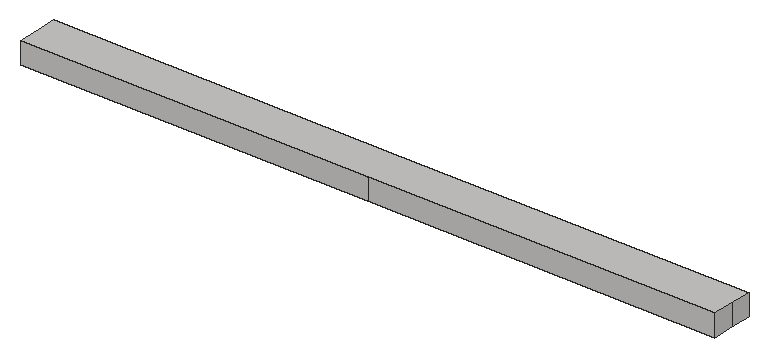
Revit family "Lighting_Wall-Mounted_Zero_Grid_Wall", category Lighting Fixtures, host Face, Revit 2020 (continued)
Definition of nested family "grid-ceiling-fencing"
  Lines and regions (mm)
    symbolic lines, detail levels fine
      curve 1445: line (-312.9, 0, 97.697) -> (-264.461, 0, 0)
      curve 1446: line (-300.9, 0, 97.697) -> (-252.461, 0, 0)
      curve 1447: line (-288.9, 0, 97.697) -> (-240.461, 0, 0)
      curve 1448: line (-276.9, 0, 97.697) -> (-228.461, 0, 0)
      curve 1449: line (-264.9, 0, 97.697) -> (-216.461, 0, 0)
      curve 1450: line (-252.9, 0, 97.697) -> (-204.461, 0, 0)
      curve 1451: line (-240.9, 0, 97.697) -> (-192.461, 0, 0)
      curve 1452: line (-228.9, 0, 97.697) -> (-180.461, 0, 0)
      curve 1453: line (-216.9, 0, 97.697) -> (-168.461, 0, 0)
      curve 1454: line (-204.9, 0, 97.697) -> (-156.461, 0, 0)
      curve 1455: line (-192.9, 0, 97.697) -> (-144.461, 0, 0)
      curve 1456: line (-180.9, 0, 97.697) -> (-132.461, 0, 0)
      curve 1457: line (-168.9, 0, 97.697) -> (-120.461, 0, 0)
      curve 1458: line (-156.9, 0, 97.697) -> (-108.461, 0, 0)
      curve 1459: line (-144.9, 0, 97.697) -> (-96.461, 0, 0)
      curve 1460: line (-132.9, 0, 97.697) -> (-84.461, 0, 0)
      curve 1461: line (-120.9, 0, 97.697) -> (-72.461, 0, 0)
      curve 1462: line (-108.9, 0, 97.697) -> (-60.461, 0, 0)
      curve 1463: line (-96.9, 0, 97.697) -> (-48.461, 0, 0)
      curve 1464: line (-84.9, 0, 97.697) -> (-36.461, 0, 0)
      curve 1465: line (-72.9, 0, 97.697) -> (-24.461, 0, 0)
      curve 1466: line (-60.9, 0, 97.697) -> (-12.461, 0, 0)
      curve 1467: line (-48.9, 0, 97.697) -> (-0.461, 0, 0)
      curve 1468: line (-36.9, 0, 97.697) -> (11.539, 0, 0)
      curve 1469: line (-24.9, 0, 97.697) -> (23.539, 0, 0)
      curve 1470: line (-12.9, 0, 97.697) -> (35.539, 0, 0)
      curve 1471: line (-0.9, 0, 97.697) -> (47.539, 0, 0)
      curve 1472: line (11.1, 0, 97.697) -> (59.539, 0, 0)
      curve 1473: line (23.1, 0, 97.697) -> (71.539, 0, 0)
      curve 1474: line (35.1, 0, 97.697) -> (83.539, 0, 0)
      curve 1475: line (47.1, 0, 97.697) -> (95.539, 0, 0)
      curve 1476: line (59.1, 0, 97.697) -> (107.539, 0, 0)
      curve 1477: line (71.1, 0, 97.697) -> (119.539, 0, 0)
      curve 1478: line (83.1, 0, 97.697) -> (131.539, 0, 0)
      curve 1479: line (95.1, 0, 97.697) -> (143.539, 0, 0)
      curve 1480: line (107.1, 0, 97.697) -> (155.539, 0, 0)
      curve 1481: line (119.1, 0, 97.697) -> (167.539, 0, 0)
      curve 1482: line (131.1, 0, 97.697) -> (179.539, 0, 0)
      curve 1483: line (143.1, 0, 97.697) -> (191.539, 0, 0)
      curve 1484: line (155.1, 0, 97.697) -> (203.539, 0, 0)
      curve 1485: line (167.1, 0, 97.697) -> (215.539, 0, 0)
      curve 1486: line (179.1, 0, 97.697) -> (227.539, 0, 0)
      curve 1487: line (191.1, 0, 97.697) -> (239.539, 0, 0)
      curve 1488: line (203.1, 0, 97.697) -> (251.539, 0, 0)
      curve 1489: line (215.1, 0, 97.697) -> (263.539, 0, 0)
      curve 1490: line (227.1, 0, 97.697) -> (275.539, 0, 0)
      curve 1491: line (239.1, 0, 97.697) -> (287.539, 0, 0)
      curve 1492: line (251.1, 0, 97.697) -> (299.539, 0, 0)
      curve 1493: line (263.1, 0, 97.697) -> (311.539, 0, 0)
      curve 1494: line (275.1, 0, 97.697) -> (323.539, 0, 0)
      curve 1495: line (287.1, 0, 97.697) -> (335.539, 0, 0)
      curve 1496: line (299.1, 0, 97.697) -> (347.539, 0, 0)
      curve 1497: line (311.1, 0, 97.697) -> (359.539, 0, 0)
      curve 1498: line (323.1, 0, 97.697) -> (371.539, 0, 0)
      curve 1499: line (335.1, 0, 97.697) -> (383.539, 0, 0)
      curve 1500: line (347.1, 0, 97.697) -> (395.539, 0, 0)
      curve 1501: line (359.1, 0, 97.697) -> (407.539, 0, 0)
      curve 1502: line (371.1, 0, 97.697) -> (419.539, 0, 0)
      curve 1503: line (383.1, 0, 97.697) -> (431.539, 0, 0)
      curve 1504: line (395.1, 0, 97.697) -> (443.539, 0, 0)
      curve 1505: line (407.1, 0, 97.697) -> (455.539, 0, 0)
      curve 1506: line (419.1, 0, 97.697) -> (467.539, 0, 0)
      curve 1507: line (431.1, 0, 97.697) -> (479.539, 0, 0)
      curve 1508: line (443.1, 0, 97.697) -> (491.539, 0, 0)
      curve 1509: line (455.1, 0, 97.697) -> (503.539, 0, 0)
      curve 1510: line (467.1, 0, 97.697) -> (515.539, 0, 0)
      curve 1511: line (479.1, 0, 97.697) -> (527.539, 0, 0)
      curve 1512: line (491.1, 0, 97.697) -> (539.539, 0, 0)
      curve 1513: line (503.1, 0, 97.697) -> (551.539, 0, 0)
      curve 1514: line (515.1, 0, 97.697) -> (563.539, 0, 0)
      curve 1515: line (527.1, 0, 97.697) -> (575.539, 0, 0)
      curve 1516: line (539.1, 0, 97.697) -> (587.539, 0, 0)
      curve 1517: line (551.1, 0, 97.697) -> (599.539, 0, 0)
      curve 1518: line (563.1, 0, 97.697) -> (611.539, 0, 0)
      curve 1519: line (575.1, 0, 97.697) -> (623.539, 0, 0)
      curve 1520: line (587.1, 0, 97.697) -> (625, 0, 21.256)
      curve 1521: line (599.1, 0, 97.697) -> (625, 0, 45.459)
      curve 1522: line (611.1, 0, 97.697) -> (625, 0, 69.662)
      curve 1523: line (623.1, 0, 97.697) -> (625, 0, 93.865)
      curve 1524: line (-611.1, 0, 97.697) -> (-625.035, 0, 69.592)
      curve 1525: line (-599.1, 0, 97.697) -> (-625.035, 0, 45.389)
      curve 1526: line (-587.1, 0, 97.697) -> (-625.035, 0, 21.186)
      curve 1527: line (-575.1, 0, 97.697) -> (-623.539, 0, 0)
      curve 1528: line (-563.1, 0, 97.697) -> (-611.539, 0, 0)
      curve 1529: line (-551.1, 0, 97.697) -> (-599.539, 0, 0)
      curve 1530: line (-539.1, 0, 97.697) -> (-587.539, 0, 0)
      curve 1531: line (-527.1, 0, 97.697) -> (-575.539, 0, 0)
      curve 1532: line (-515.1, 0, 97.697) -> (-563.539, 0, 0)
      curve 1533: line (-503.1, 0, 97.697) -> (-551.539, 0, 0)
      curve 1534: line (-491.1, 0, 97.697) -> (-539.539, 0, 0)
      curve 1535: line (-479.1, 0, 97.697) -> (-527.539, 0, 0)
      curve 1536: line (-467.1, 0, 97.697) -> (-515.539, 0, 0)
      curve 1537: line (-455.1, 0, 97.697) -> (-503.539, 0, 0)
      curve 1538: line (-443.1, 0, 97.697) -> (-491.539, 0, 0)
      curve 1539: line (-431.1, 0, 97.697) -> (-479.539, 0, 0)
      curve 1540: line (-419.1, 0, 97.697) -> (-467.539, 0, 0)
      curve 1541: line (-407.1, 0, 97.697) -> (-455.539, 0, 0)
      curve 1542: line (-395.1, 0, 97.697) -> (-443.539, 0, 0)
      curve 1543: line (-383.1, 0, 97.697) -> (-431.539, 0, 0)
      curve 1544: line (-371.1, 0, 97.697) -> (-419.539, 0, 0)
      curve 1545: line (-359.1, 0, 97.697) -> (-407.539, 0, 0)
      curve 1546: line (-347.1, 0, 97.697) -> (-395.539, 0, 0)
      curve 1547: line (-335.1, 0, 97.697) -> (-383.539, 0, 0)
      curve 1548: line (-323.1, 0, 97.697) -> (-371.539, 0, 0)
      curve 1549: line (-311.1, 0, 97.697) -> (-359.539, 0, 0)
      curve 1550: line (-299.1, 0, 97.697) -> (-347.539, 0, 0)
      curve 1551: line (-287.1, 0, 97.697) -> (-335.539, 0, 0)
      curve 1552: line (-275.1, 0, 97.697) -> (-323.539, 0, 0)
      curve 1553: line (-263.1, 0, 97.697) -> (-311.539, 0, 0)
      curve 1554: line (-251.1, 0, 97.697) -> (-299.539, 0, 0)
      curve 1555: line (-239.1, 0, 97.697) -> (-287.539, 0, 0)
      curve 1556: line (-227.1, 0, 97.697) -> (-275.539, 0, 0)
      curve 1557: line (-215.1, 0, 97.697) -> (-263.539, 0, 0)
      curve 1558: line (-203.1, 0, 97.697) -> (-251.539, 0, 0)
      curve 1559: line (-191.1, 0, 97.697) -> (-239.539, 0, 0)
      curve 1560: line (-179.1, 0, 97.697) -> (-227.539, 0, 0)
      curve 1561: line (-167.1, 0, 97.697) -> (-215.539, 0, 0)
      curve 1562: line (-155.1, 0, 97.697) -> (-203.539, 0, 0)
      curve 1563: line (-143.1, 0, 97.697) -> (-191.539, 0, 0)
      curve 1564: line (-131.1, 0, 97.697) -> (-179.539, 0, 0)
      curve 1565: line (-119.1, 0, 97.697) -> (-167.539, 0, 0)
      curve 1566: line (-107.1, 0, 97.697) -> (-155.539, 0, 0)
      curve 1567: line (-95.1, 0, 97.697) -> (-143.539, 0, 0)
      curve 1568: line (-83.1, 0, 97.697) -> (-131.539, 0, 0)
      curve 1569: line (-71.1, 0, 97.697) -> (-119.539, 0, 0)
      curve 1570: line (-59.1, 0, 97.697) -> (-107.539, 0, 0)
      curve 1571: line (-47.1, 0, 97.697) -> (-95.539, 0, 0)
      curve 1572: line (-35.1, 0, 97.697) -> (-83.539, 0, 0)
      curve 1573: line (-23.1, 0, 97.697) -> (-71.539, 0, 0)
      curve 1574: line (-11.1, 0, 97.697) -> (-59.539, 0, 0)
      curve 1575: line (0.9, 0, 97.697) -> (-47.539, 0, 0)
      curve 1576: line (12.9, 0, 97.697) -> (-35.539, 0, 0)
      curve 1577: line (24.9, 0, 97.697) -> (-23.539, 0, 0)
      curve 1578: line (36.9, 0, 97.697) -> (-11.539, 0, 0)
      curve 1579: line (48.9, 0, 97.697) -> (0.461, 0, 0)
      curve 1580: line (60.9, 0, 97.697) -> (12.461, 0, 0)
      curve 1581: line (72.9, 0, 97.697) -> (24.461, 0, 0)
      curve 1582: line (84.9, 0, 97.697) -> (36.461, 0, 0)
      curve 1583: line (96.9, 0, 97.697) -> (48.461, 0, 0)
      curve 1584: line (108.9, 0, 97.697) -> (60.461, 0, 0)
      curve 1585: line (120.9, 0, 97.697) -> (72.461, 0, 0)
      curve 1586: line (132.9, 0, 97.697) -> (84.461, 0, 0)
      curve 1587: line (144.9, 0, 97.697) -> (96.461, 0, 0)
      curve 1588: line (156.9, 0, 97.697) -> (108.461, 0, 0)
      curve 1589: line (168.9, 0, 97.697) -> (120.461, 0, 0)
      curve 1590: line (180.9, 0, 97.697) -> (132.461, 0, 0)
      curve 1591: line (192.9, 0, 97.697) -> (144.461, 0, 0)
      curve 1592: line (204.9, 0, 97.697) -> (156.461, 0, 0)
      curve 1593: line (216.9, 0, 97.697) -> (168.461, 0, 0)
      curve 1594: line (228.9, 0, 97.697) -> (180.461, 0, 0)
      curve 1595: line (240.9, 0, 97.697) -> (192.461, 0, 0)
      curve 1596: line (252.9, 0, 97.697) -> (204.461, 0, 0)
      curve 1597: line (264.9, 0, 97.697) -> (216.461, 0, 0)
      curve 1598: line (276.9, 0, 97.697) -> (228.461, 0, 0)
      curve 1599: line (288.9, 0, 97.697) -> (240.461, 0, 0)
      curve 1600: line (300.9, 0, 97.697) -> (252.461, 0, 0)
      curve 1601: line (312.9, 0, 97.697) -> (264.461, 0, 0)
      curve 1602: line (324.9, 0, 97.697) -> (276.461, 0, 0)
      curve 1603: line (336.9, 0, 97.697) -> (288.461, 0, 0)
      curve 1604: line (348.9, 0, 97.697) -> (300.461, 0, 0)
      curve 1605: line (360.9, 0, 97.697) -> (312.461, 0, 0)
      curve 1606: line (372.9, 0, 97.697) -> (324.461, 0, 0)
      curve 1607: line (384.9, 0, 97.697) -> (336.461, 0, 0)
      curve 1608: line (396.9, 0, 97.697) -> (348.461, 0, 0)
      curve 1609: line (408.9, 0, 97.697) -> (360.461, 0, 0)
      curve 1610: line (420.9, 0, 97.697) -> (372.461, 0, 0)
      curve 1611: line (432.9, 0, 97.697) -> (384.461, 0, 0)
      curve 1612: line (444.9, 0, 97.697) -> (396.461, 0, 0)
      curve 1613: line (456.9, 0, 97.697) -> (408.461, 0, 0)
      curve 1614: line (468.9, 0, 97.697) -> (420.461, 0, 0)
      curve 1615: line (480.9, 0, 97.697) -> (432.461, 0, 0)
      curve 1616: line (492.9, 0, 97.697) -> (444.461, 0, 0)
      curve 1617: line (504.9, 0, 97.697) -> (456.461, 0, 0)
      curve 1618: line (516.9, 0, 97.697) -> (468.461, 0, 0)
      curve 1619: line (528.9, 0, 97.697) -> (480.461, 0, 0)
      curve 1620: line (540.9, 0, 97.697) -> (492.461, 0, 0)
      curve 1621: line (552.9, 0, 97.697) -> (504.461, 0, 0)
      curve 1622: line (564.9, 0, 97.697) -> (516.461, 0, 0)
      curve 1623: line (576.9, 0, 97.697) -> (528.461, 0, 0)
      curve 1624: line (588.9, 0, 97.697) -> (540.461, 0, 0)
      curve 1625: line (600.9, 0, 97.697) -> (552.461, 0, 0)
      curve 1626: line (612.9, 0, 97.697) -> (564.461, 0, 0)
      curve 1627: line (624.9, 0, 97.697) -> (576.461, 0, 0)
      curve 1628: line (625, 0, 73.696) -> (588.461, 0, 0)
      curve 1629: line (625, 0, 49.493) -> (600.461, 0, 0)
      curve 1630: line (625, 0, 25.29) -> (612.461, 0, 0)
      curve 1635: line (557.205, 33.529, 0) -> (0, 33.529, 0)
      curve 1636: line (0, 33.529, 0) -> (-557.205, 33.529, 0)
      curve 1637: line (557.205, 0, 0) -> (557.205, 33.529, 0)
      curve 1638: line (557.205, -33.529, 0) -> (557.205, 0, 0)
      curve 1639: line (0, -33.529, 0) -> (557.205, -33.529, 0)
      curve 1640: line (-557.205, -33.529, 0) -> (0, -33.529, 0)
      curve 1641: line (-557.205, 33.529, 0) -> (-557.205, 0, 0)
      curve 1642: line (-557.205, 0, 0) -> (-557.205, -33.529, 0)
      curve 1643: line (-625.035, -23.102, 0) -> (-612.455, -48.253, 0)
      curve 1644: line (-625.035, 0.889, 0) -> (-600.455, -48.253, 0)
      curve 1645: line (-625.035, 24.879, 0) -> (-588.455, -48.253, 0)
      curve 1646: line (-624.473, 47.747, 0) -> (-576.455, -48.253, 0)
      curve 1647: line (-612.473, 47.747, 0) -> (-564.455, -48.253, 0)
      curve 1648: line (-600.473, 47.747, 0) -> (-552.455, -48.253, 0)
      curve 1649: line (-588.473, 47.747, 0) -> (-540.455, -48.253, 0)
      curve 1650: line (-576.473, 47.747, 0) -> (-528.455, -48.253, 0)
      curve 1651: line (-564.473, 47.747, 0) -> (-516.455, -48.253, 0)
      curve 1652: line (-552.473, 47.747, 0) -> (-504.455, -48.253, 0)
      curve 1653: line (-540.473, 47.747, 0) -> (-492.455, -48.253, 0)
      curve 1654: line (-528.473, 47.747, 0) -> (-480.455, -48.253, 0)
      curve 1655: line (-516.473, 47.747, 0) -> (-468.455, -48.253, 0)
      curve 1656: line (-504.473, 47.747, 0) -> (-456.455, -48.253, 0)
      curve 1657: line (-492.473, 47.747, 0) -> (-444.455, -48.253, 0)
      curve 1658: line (-480.473, 47.747, 0) -> (-432.455, -48.253, 0)
      curve 1659: line (-468.473, 47.747, 0) -> (-420.455, -48.253, 0)
      curve 1660: line (-456.473, 47.747, 0) -> (-408.455, -48.253, 0)
      curve 1661: line (-444.473, 47.747, 0) -> (-396.455, -48.253, 0)
      curve 1662: line (-432.473, 47.747, 0) -> (-384.455, -48.253, 0)
      curve 1663: line (-420.473, 47.747, 0) -> (-372.455, -48.253, 0)
      curve 1664: line (-408.473, 47.747, 0) -> (-360.455, -48.253, 0)
      curve 1665: line (-396.473, 47.747, 0) -> (-348.455, -48.253, 0)
      curve 1666: line (-384.473, 47.747, 0) -> (-336.455, -48.253, 0)
      curve 1667: line (-372.473, 47.747, 0) -> (-324.455, -48.253, 0)
      curve 1668: line (-360.473, 47.747, 0) -> (-312.455, -48.253, 0)
      curve 1669: line (-348.473, 47.747, 0) -> (-300.455, -48.253, 0)
      curve 1670: line (-336.473, 47.747, 0) -> (-288.455, -48.253, 0)
      curve 1671: line (-324.473, 47.747, 0) -> (-276.455, -48.253, 0)
      curve 1672: line (-312.473, 47.747, 0) -> (-264.455, -48.253, 0)
      curve 1673: line (-300.473, 47.747, 0) -> (-252.455, -48.253, 0)
      curve 1674: line (-288.473, 47.747, 0) -> (-240.455, -48.253, 0)
      curve 1675: line (-276.473, 47.747, 0) -> (-228.455, -48.253, 0)
      curve 1676: line (-264.473, 47.747, 0) -> (-216.455, -48.253, 0)
      curve 1677: line (-252.473, 47.747, 0) -> (-204.455, -48.253, 0)
      curve 1678: line (-240.473, 47.747, 0) -> (-192.455, -48.253, 0)
      curve 1679: line (-228.473, 47.747, 0) -> (-180.455, -48.253, 0)
      curve 1680: line (-216.473, 47.747, 0) -> (-168.455, -48.253, 0)
      curve 1681: line (-204.473, 47.747, 0) -> (-156.455, -48.253, 0)
      curve 1682: line (-192.473, 47.747, 0) -> (-144.455, -48.253, 0)
      curve 1683: line (-180.473, 47.747, 0) -> (-132.455, -48.253, 0)
      curve 1684: line (-168.473, 47.747, 0) -> (-120.455, -48.253, 0)
      curve 1685: line (-156.473, 47.747, 0) -> (-108.455, -48.253, 0)
      curve 1686: line (-144.473, 47.747, 0) -> (-96.455, -48.253, 0)
      curve 1687: line (-132.473, 47.747, 0) -> (-84.455, -48.253, 0)
      curve 1688: line (-120.473, 47.747, 0) -> (-72.455, -48.253, 0)
      curve 1689: line (-108.473, 47.747, 0) -> (-60.455, -48.253, 0)
      curve 1690: line (-96.473, 47.747, 0) -> (-48.455, -48.253, 0)
      curve 1691: line (-84.473, 47.747, 0) -> (-36.455, -48.253, 0)
      curve 1692: line (-72.473, 47.747, 0) -> (-24.455, -48.253, 0)
      curve 1693: line (-60.473, 47.747, 0) -> (-12.455, -48.253, 0)
      curve 1694: line (-48.473, 47.747, 0) -> (-0.455, -48.253, 0)
      curve 1695: line (-36.473, 47.747, 0) -> (11.545, -48.253, 0)
      curve 1696: line (-24.473, 47.747, 0) -> (23.545, -48.253, 0)
      curve 1697: line (-12.473, 47.747, 0) -> (35.545, -48.253, 0)
      curve 1698: line (-0.473, 47.747, 0) -> (47.545, -48.253, 0)
      curve 1699: line (11.527, 47.747, 0) -> (59.545, -48.253, 0)
      curve 1700: line (23.527, 47.747, 0) -> (71.545, -48.253, 0)
      curve 1701: line (35.527, 47.747, 0) -> (83.545, -48.253, 0)
      curve 1702: line (47.527, 47.747, 0) -> (95.545, -48.253, 0)
      curve 1703: line (59.527, 47.747, 0) -> (107.545, -48.253, 0)
      curve 1704: line (71.527, 47.747, 0) -> (119.545, -48.253, 0)
      curve 1705: line (83.527, 47.747, 0) -> (131.545, -48.253, 0)
      curve 1706: line (95.527, 47.747, 0) -> (143.545, -48.253, 0)
      curve 1707: line (107.527, 47.747, 0) -> (155.545, -48.253, 0)
      curve 1708: line (119.527, 47.747, 0) -> (167.545, -48.253, 0)
      curve 1709: line (131.527, 47.747, 0) -> (179.545, -48.253, 0)
      curve 1710: line (143.527, 47.747, 0) -> (191.545, -48.253, 0)
      curve 1711: line (155.527, 47.747, 0) -> (203.545, -48.253, 0)
      curve 1712: line (167.527, 47.747, 0) -> (215.545, -48.253, 0)
      curve 1713: line (179.527, 47.747, 0) -> (227.545, -48.253, 0)
      curve 1714: line (191.527, 47.747, 0) -> (239.545, -48.253, 0)
      curve 1715: line (203.527, 47.747, 0) -> (251.545, -48.253, 0)
      curve 1716: line (215.527, 47.747, 0) -> (263.545, -48.253, 0)
      curve 1717: line (227.527, 47.747, 0) -> (275.545, -48.253, 0)
      curve 1718: line (239.527, 47.747, 0) -> (287.545, -48.253, 0)
      curve 1719: line (251.527, 47.747, 0) -> (299.545, -48.253, 0)
      curve 1720: line (263.527, 47.747, 0) -> (311.545, -48.253, 0)
      curve 1721: line (275.527, 47.747, 0) -> (323.545, -48.253, 0)
      curve 1722: line (287.527, 47.747, 0) -> (335.545, -48.253, 0)
      curve 1723: line (299.527, 47.747, 0) -> (347.545, -48.253, 0)
      curve 1724: line (311.527, 47.747, 0) -> (359.545, -48.253, 0)
      curve 1725: line (323.527, 47.747, 0) -> (371.545, -48.253, 0)
      curve 1726: line (335.527, 47.747, 0) -> (383.545, -48.253, 0)
      curve 1727: line (347.527, 47.747, 0) -> (395.545, -48.253, 0)
      curve 1728: line (359.527, 47.747, 0) -> (407.545, -48.253, 0)
      curve 1729: line (371.527, 47.747, 0) -> (419.545, -48.253, 0)
      curve 1730: line (383.527, 47.747, 0) -> (431.545, -48.253, 0)
      curve 1731: line (395.527, 47.747, 0) -> (443.545, -48.253, 0)
      curve 1732: line (407.527, 47.747, 0) -> (455.545, -48.253, 0)
      curve 1733: line (419.527, 47.747, 0) -> (467.545, -48.253, 0)
      curve 1734: line (431.527, 47.747, 0) -> (479.545, -48.253, 0)
      curve 1735: line (443.527, 47.747, 0) -> (491.545, -48.253, 0)
      curve 1736: line (455.527, 47.747, 0) -> (503.545, -48.253, 0)
      curve 1737: line (467.527, 47.747, 0) -> (515.545, -48.253, 0)
      curve 1738: line (479.527, 47.747, 0) -> (527.545, -48.253, 0)
      curve 1739: line (491.527, 47.747, 0) -> (539.545, -48.253, 0)
      curve 1740: line (503.527, 47.747, 0) -> (551.545, -48.253, 0)
      curve 1741: line (515.527, 47.747, 0) -> (563.545, -48.253, 0)
      curve 1742: line (527.527, 47.747, 0) -> (575.545, -48.253, 0)
      curve 1743: line (539.527, 47.747, 0) -> (587.545, -48.253, 0)
      curve 1744: line (551.527, 47.747, 0) -> (599.545, -48.253, 0)
      curve 1745: line (563.527, 47.747, 0) -> (611.545, -48.253, 0)
      curve 1746: line (575.527, 47.747, 0) -> (623.545, -48.253, 0)
      curve 1747: line (587.527, 47.747, 0) -> (625, -27.17, 0)
      curve 1748: line (599.527, 47.747, 0) -> (625, -3.18, 0)
      curve 1749: line (611.527, 47.747, 0) -> (625, 20.811, 0)
      curve 1750: line (623.527, 47.747, 0) -> (625, 44.802, 0)
      curve 1751: line (625, -23.197, 0) -> (612.468, -48.253, 0)
      curve 1752: line (625, 0.794, 0) -> (600.468, -48.253, 0)
      curve 1753: line (625, 24.785, 0) -> (588.468, -48.253, 0)
      curve 1754: line (624.486, 47.747, 0) -> (576.468, -48.253, 0)
      curve 1755: line (612.486, 47.747, 0) -> (564.468, -48.253, 0)
      curve 1756: line (600.486, 47.747, 0) -> (552.468, -48.253, 0)
      curve 1757: line (588.486, 47.747, 0) -> (540.468, -48.253, 0)
      curve 1758: line (576.486, 47.747, 0) -> (528.468, -48.253, 0)
      curve 1759: line (564.486, 47.747, 0) -> (516.468, -48.253, 0)
      curve 1760: line (552.486, 47.747, 0) -> (504.468, -48.253, 0)
      curve 1761: line (540.486, 47.747, 0) -> (492.468, -48.253, 0)
      curve 1762: line (528.486, 47.747, 0) -> (480.468, -48.253, 0)
      curve 1763: line (516.486, 47.747, 0) -> (468.468, -48.253, 0)
      curve 1764: line (504.486, 47.747, 0) -> (456.468, -48.253, 0)
      curve 1765: line (492.486, 47.747, 0) -> (444.468, -48.253, 0)
      curve 1766: line (480.486, 47.747, 0) -> (432.468, -48.253, 0)
      curve 1767: line (468.486, 47.747, 0) -> (420.468, -48.253, 0)
      curve 1768: line (456.486, 47.747, 0) -> (408.468, -48.253, 0)
      curve 1769: line (444.486, 47.747, 0) -> (396.468, -48.253, 0)
      curve 1770: line (432.486, 47.747, 0) -> (384.468, -48.253, 0)
      curve 1771: line (420.486, 47.747, 0) -> (372.468, -48.253, 0)
      curve 1772: line (408.486, 47.747, 0) -> (360.468, -48.253, 0)
      curve 1773: line (396.486, 47.747, 0) -> (348.468, -48.253, 0)
      curve 1774: line (384.486, 47.747, 0) -> (336.468, -48.253, 0)
      curve 1775: line (372.486, 47.747, 0) -> (324.468, -48.253, 0)
      curve 1776: line (360.486, 47.747, 0) -> (312.468, -48.253, 0)
      curve 1777: line (348.486, 47.747, 0) -> (300.468, -48.253, 0)
      curve 1778: line (336.486, 47.747, 0) -> (288.468, -48.253, 0)
      curve 1779: line (324.486, 47.747, 0) -> (276.468, -48.253, 0)
      curve 1780: line (312.486, 47.747, 0) -> (264.468, -48.253, 0)
      curve 1781: line (300.486, 47.747, 0) -> (252.468, -48.253, 0)
      curve 1782: line (288.486, 47.747, 0) -> (240.468, -48.253, 0)
      curve 1783: line (276.486, 47.747, 0) -> (228.468, -48.253, 0)
      curve 1784: line (264.486, 47.747, 0) -> (216.468, -48.253, 0)
      curve 1785: line (252.486, 47.747, 0) -> (204.468, -48.253, 0)
      curve 1786: line (240.486, 47.747, 0) -> (192.468, -48.253, 0)
      curve 1787: line (228.486, 47.747, 0) -> (180.468, -48.253, 0)
      curve 1788: line (216.486, 47.747, 0) -> (168.468, -48.253, 0)
      curve 1789: line (204.486, 47.747, 0) -> (156.468, -48.253, 0)
      curve 1790: line (192.486, 47.747, 0) -> (144.468, -48.253, 0)
      curve 1791: line (180.486, 47.747, 0) -> (132.468, -48.253, 0)
      curve 1792: line (168.486, 47.747, 0) -> (120.468, -48.253, 0)
      curve 1793: line (156.486, 47.747, 0) -> (108.468, -48.253, 0)
      curve 1794: line (144.486, 47.747, 0) -> (96.468, -48.253, 0)
      curve 1795: line (132.486, 47.747, 0) -> (84.468, -48.253, 0)
      curve 1796: line (120.486, 47.747, 0) -> (72.468, -48.253, 0)
      curve 1797: line (108.486, 47.747, 0) -> (60.468, -48.253, 0)
      curve 1798: line (96.486, 47.747, 0) -> (48.468, -48.253, 0)
      curve 1799: line (84.486, 47.747, 0) -> (36.468, -48.253, 0)
      curve 1800: line (72.486, 47.747, 0) -> (24.468, -48.253, 0)
      curve 1801: line (60.486, 47.747, 0) -> (12.468, -48.253, 0)
      curve 1802: line (48.486, 47.747, 0) -> (0.468, -48.253, 0)
      curve 1803: line (36.486, 47.747, 0) -> (-11.532, -48.253, 0)
      curve 1804: line (24.486, 47.747, 0) -> (-23.532, -48.253, 0)
      curve 1805: line (12.486, 47.747, 0) -> (-35.532, -48.253, 0)
      curve 1806: line (0.486, 47.747, 0) -> (-47.532, -48.253, 0)
      curve 1807: line (-11.514, 47.747, 0) -> (-59.532, -48.253, 0)
      curve 1808: line (-23.514, 47.747, 0) -> (-71.532, -48.253, 0)
      curve 1809: line (-35.514, 47.747, 0) -> (-83.532, -48.253, 0)
      curve 1810: line (-47.514, 47.747, 0) -> (-95.532, -48.253, 0)
      curve 1811: line (-59.514, 47.747, 0) -> (-107.532, -48.253, 0)
      curve 1812: line (-71.514, 47.747, 0) -> (-119.532, -48.253, 0)
      curve 1813: line (-83.514, 47.747, 0) -> (-131.532, -48.253, 0)
      curve 1814: line (-95.514, 47.747, 0) -> (-143.532, -48.253, 0)
      curve 1815: line (-107.514, 47.747, 0) -> (-155.532, -48.253, 0)
      curve 1816: line (-119.514, 47.747, 0) -> (-167.532, -48.253, 0)
      curve 1817: line (-131.514, 47.747, 0) -> (-179.532, -48.253, 0)
      curve 1818: line (-143.514, 47.747, 0) -> (-191.532, -48.253, 0)
      curve 1819: line (-155.514, 47.747, 0) -> (-203.532, -48.253, 0)
      curve 1820: line (-167.514, 47.747, 0) -> (-215.532, -48.253, 0)
      curve 1821: line (-179.514, 47.747, 0) -> (-227.532, -48.253, 0)
      curve 1822: line (-191.514, 47.747, 0) -> (-239.532, -48.253, 0)
      curve 1823: line (-203.514, 47.747, 0) -> (-251.532, -48.253, 0)
      curve 1824: line (-215.514, 47.747, 0) -> (-263.532, -48.253, 0)
      curve 1825: line (-227.514, 47.747, 0) -> (-275.532, -48.253, 0)
      curve 1826: line (-239.514, 47.747, 0) -> (-287.532, -48.253, 0)
      curve 1827: line (-251.514, 47.747, 0) -> (-299.532, -48.253, 0)
      curve 1828: line (-263.514, 47.747, 0) -> (-311.532, -48.253, 0)
      curve 1829: line (-275.514, 47.747, 0) -> (-323.532, -48.253, 0)
      curve 1830: line (-287.514, 47.747, 0) -> (-335.532, -48.253, 0)
      curve 1831: line (-299.514, 47.747, 0) -> (-347.532, -48.253, 0)
      curve 1832: line (-311.514, 47.747, 0) -> (-359.532, -48.253, 0)
      curve 1833: line (-323.514, 47.747, 0) -> (-371.532, -48.253, 0)
      curve 1834: line (-335.514, 47.747, 0) -> (-383.532, -48.253, 0)
      curve 1835: line (-347.514, 47.747, 0) -> (-395.532, -48.253, 0)
      curve 1836: line (-359.514, 47.747, 0) -> (-407.532, -48.253, 0)
      curve 1837: line (-371.514, 47.747, 0) -> (-419.532, -48.253, 0)
      curve 1838: line (-383.514, 47.747, 0) -> (-431.532, -48.253, 0)
      curve 1839: line (-395.514, 47.747, 0) -> (-443.532, -48.253, 0)
      curve 1840: line (-407.514, 47.747, 0) -> (-455.532, -48.253, 0)
      curve 1841: line (-419.514, 47.747, 0) -> (-467.532, -48.253, 0)
      curve 1842: line (-431.514, 47.747, 0) -> (-479.532, -48.253, 0)
      curve 1843: line (-443.514, 47.747, 0) -> (-491.532, -48.253, 0)
      curve 1844: line (-455.514, 47.747, 0) -> (-503.532, -48.253, 0)
      curve 1845: line (-467.514, 47.747, 0) -> (-515.532, -48.253, 0)
      curve 1846: line (-479.514, 47.747, 0) -> (-527.532, -48.253, 0)
      curve 1847: line (-491.514, 47.747, 0) -> (-539.532, -48.253, 0)
      curve 1848: line (-503.514, 47.747, 0) -> (-551.532, -48.253, 0)
      curve 1849: line (-515.514, 47.747, 0) -> (-563.532, -48.253, 0)
      curve 1850: line (-527.514, 47.747, 0) -> (-575.532, -48.253, 0)
      curve 1851: line (-539.514, 47.747, 0) -> (-587.532, -48.253, 0)
      curve 1852: line (-551.514, 47.747, 0) -> (-599.532, -48.253, 0)
      curve 1853: line (-563.514, 47.747, 0) -> (-611.532, -48.253, 0)
      curve 1854: line (-575.514, 47.747, 0) -> (-623.532, -48.253, 0)
      curve 1855: line (-587.514, 47.747, 0) -> (-625.035, -27.265, 0)
      curve 1856: line (-599.514, 47.747, 0) -> (-625.035, -3.274, 0)
      curve 1857: line (-611.514, 47.747, 0) -> (-625.035, 20.717, 0)
      curve 1858: line (-623.514, 47.747, 0) -> (-625.035, 44.708, 0)
    symbolic lines, detail levels medium+fine
      curve 1386: line (-625.035, 0, 97.697) -> (625, 0, 97.697)
      curve 1387: line (-625.035, 0, 97.697) -> (-625.035, 0, 0)
      curve 1388: line (-625.035, 0, 0) -> (625, 0, 0)
      curve 1389: line (625, 0, 0) -> (625, 0, 97.697)
      curve 1390: line (0, 47.747, 0) -> (0, 47.747, 97.697)
      curve 1391: line (0, -48.253, 97.697) -> (0, 47.747, 97.697)
      curve 1392: line (0, -48.253, 97.697) -> (0, -48.253, 0)
      curve 1393: line (0, -48.253, 0) -> (0, 47.747, 0)
      curve 1631: line (-625.035, 47.747, 0) -> (625, 47.747, 0)
      curve 1632: line (-625.035, -48.253, 0) -> (-625.035, 47.747, 0)
      curve 1633: line (-625.035, -48.253, 0) -> (625, -48.253, 0)
      curve 1634: line (625, -48.253, 0) -> (625, 47.747, 0)
  Dimensions and locks
    aligned and locked: level to plane 2
    aligned and locked: curve 1378 to Extrusion 1
    aligned and locked: curve 1379 to Extrusion 1
    aligned and locked: Extrusion 1 to curve 1381
    aligned and locked: curve 1386 to curve 1377
    aligned and locked: curve 1387 to curve 443
    aligned and locked: curve 1388 to curve 1159
    aligned and locked: curve 1389 to curve 1161
    aligned and locked: curve 1390 to curve 444
    aligned and locked: curve 1391 to curve 933
    aligned and locked: curve 1392 to curve 443
    aligned and locked: curve 1393 to curve 445
    aligned and locked: curve 1394 to curve 446
    aligned and locked: curve 1395 to curve 457
    aligned and locked: curve 1396 to curve 454
    aligned and locked: curve 1397 to curve 447
    aligned and locked: curve 1398 to curve 458
    aligned and locked: curve 1399 to curve 448
    aligned and locked: curve 1400 to curve 459
    aligned and locked: curve 1401 to curve 449
    aligned and locked: curve 1402 to curve 460
    aligned and locked: curve 1403 to curve 450
    aligned and locked: curve 1404 to curve 461
    aligned and locked: curve 1405 to curve 451
    aligned and locked: curve 1406 to curve 462
    aligned and locked: curve 1407 to curve 452
    aligned and locked: curve 1408 to curve 463
    aligned and locked: curve 1409 to curve 453
    aligned and locked: curve 1410 to curve 464
    aligned and locked: curve 1411 to curve 455
    aligned and locked: curve 1412 to curve 456
    aligned and locked: curve 1413 to curve 467
    aligned and locked: curve 1414 to curve 466
    aligned and locked: curve 1415 to curve 465
    aligned and locked: curve 1384 to Extrusion 1
    aligned and locked: curve 1383 to Extrusion 1
    aligned and locked: curve 1380 to Extrusion 1
    aligned and locked: curve 1631 to curve 1155
    aligned and locked: curve 1632 to curve 933
    aligned and locked: curve 1633 to curve 1377
    aligned and locked: curve 1634 to curve 934
    aligned and locked: curve 1635 to Extrusion 1
    aligned and locked: curve 1636 to Extrusion 1
    aligned and locked: curve 1637 to Extrusion 1
    aligned and locked: curve 1638 to Extrusion 1
    aligned and locked: curve 1639 to Extrusion 1
    aligned and locked: curve 1640 to Extrusion 1
    aligned and locked: curve 1641 to Extrusion 1
    aligned and locked: curve 1642 to Extrusion 1
Types (12, lengths in mm): name | Wattage | TotalWattage | Photometric Web File | ModelType | Model | ModelNumber | built-in parameter 1150105 | Lumens | built-in parameter 1150106 | Dimming | ArticleNumber
  Grid wall Square T5 Eco 25/28W | 16.4937 W | 25 W | "Grid8134.IES" | grid-ceiling : grid-ceiling | "Grid wall Square holes T5 Eco 25/28W" | "8134-1-XX" | 194.96 (stored number, unit not read) | 2450 lm | 1.9496 (stored number, unit not read) | "None" | "8134-1-XX"
  Grid wall Expanded T5 Eco 25/28W | 16.4937 W | 25 W | "Grid8135.IES" | grid-ceiling-fencing : grid-ceiling-fencing | "Grid wall Expanded metal T5 Eco 25/28W" | "8135-1-XX" | 194.96 (stored number, unit not read) | 2450 lm | 1.9496 (stored number, unit not read) | "None" | "8135-1-XX"
  Grid wall Expanded T5 Eco 25/28W HFF | 16.4937 W | 25 W | "Grid8135.IES" | grid-ceiling-fencing : grid-ceiling-fencing | "Grid wall Expanded metal T5 Eco 25/28W HFF" | "8135-1-XXHFF" | 194.96 (stored number, unit not read) | 2450 lm | 1.9496 (stored number, unit not read) | "Dimmable with DALI, DSI, SwitchDim" | "8135-1-XXHFF"
  Grid wall Square T5 Eco 25/28W HFF | 16.4937 W | 25 W | "Grid8134.IES" | grid-ceiling : grid-ceiling | "Grid wall Square holes T5 Eco 25/28W HFF" | "8134-1-XXHFF" | 194.96 (stored number, unit not read) | 2450 lm | 1.9496 (stored number, unit not read) | "None" | "8134-1-XXHFF"
  Grid wall Expanded LED 1297LM/19W | 8.73154 W | 19 W | "Grid8144.IES" | grid-ceiling-fencing : grid-ceiling-fencing | "Grid wall Expanded metal LED 1297LM/19W" | "8144-1-XX" | 97.804 (stored number, unit not read) | 1297 lm | 0.97804 (stored number, unit not read) | "None" | "8144-1-XX"
  Grid wall Square LED 1297LM/19W | 8.73154 W | 19 W | "Grid8143.IES" | grid-ceiling : grid-ceiling | "Grid wall Square holes LED 1297LM/19W" | "8143-1-XX" | 97.804 (stored number, unit not read) | 1297 lm | 0.97804 (stored number, unit not read) | "None" | "8143-1-XX"
  Grid wall Expanded LED 1297LM/19W HFF | 8.73154 W | 19 W | "Grid8144.IES" | grid-ceiling-fencing : grid-ceiling-fencing | "Grid wall Expanded metal LED 1297LM/19W HFF" | "8144-1-XXHFF" | 97.804 (stored number, unit not read) | 1297 lm | 0.97804 (stored number, unit not read) | "Dimmable with DALI, DSI, SwitchDim" | "8144-1-XXHFF"
  Grid wall Square LED 1297LM/19W HFF | 8.73154 W | 19 W | "Grid8143.IES" | grid-ceiling : grid-ceiling | "Grid wall Square holes LED 1297LM/19W HFF" | "8143-1-XXHFF" | 97.804 (stored number, unit not read) | 1297 lm | 0.97804 (stored number, unit not read) | "Dimmable with DALI, DSI, SwitchDim" | "8143-1-XXHFF"
  Grid wall Expanded LED 1966LM/33W | 13.2353 W | 33 W | "Grid8146-1.IES" | grid-ceiling-fencing : grid-ceiling-fencing | "Grid wall Expanded metal LED 1966LM/33W" | "8146-1-XX" | 373.15 (stored number, unit not read) | 1966 lm | 3.7315 (stored number, unit not read) | "None" | "8146-1-XX"
  Grid wall Square LED 1966LM/33W | 13.2353 W | 33 W | "Grid8145-1.IES" | grid-ceiling : grid-ceiling | "Grid wall Square holes LED 1966LM/33W" | "8145-1-XX" | 373.15 (stored number, unit not read) | 1966 lm | 3.7315 (stored number, unit not read) | "None" | "8145-1-XX"
  Grid wall Square LED 1966LM/33W HFF | 13.2353 W | 33 W | "Grid8145-1.IES" | grid-ceiling : grid-ceiling | "Grid wall Square holes LED 1966LM/33W HFF" | "8145-1-XXHFF" | 373.15 (stored number, unit not read) | 1966 lm | 3.7315 (stored number, unit not read) | "Dimmable with DALI, DSI, SwitchDim" | "8145-1-XXHFF"
  Grid wall Expanded LED 1966LM/33W HFF | 13.2353 W | 33 W | "Grid8146-1.IES" | grid-ceiling-fencing : grid-ceiling-fencing | "Grid wall Expanded metal LED 1966LM/33W HFF" | "8146-1-XXHFF" | 373.15 (stored number, unit not read) | 1966 lm | 3.7315 (stored number, unit not read) | "Dimmable with DALI, DSI, SwitchDim" | "8146-1-XXHFF"
